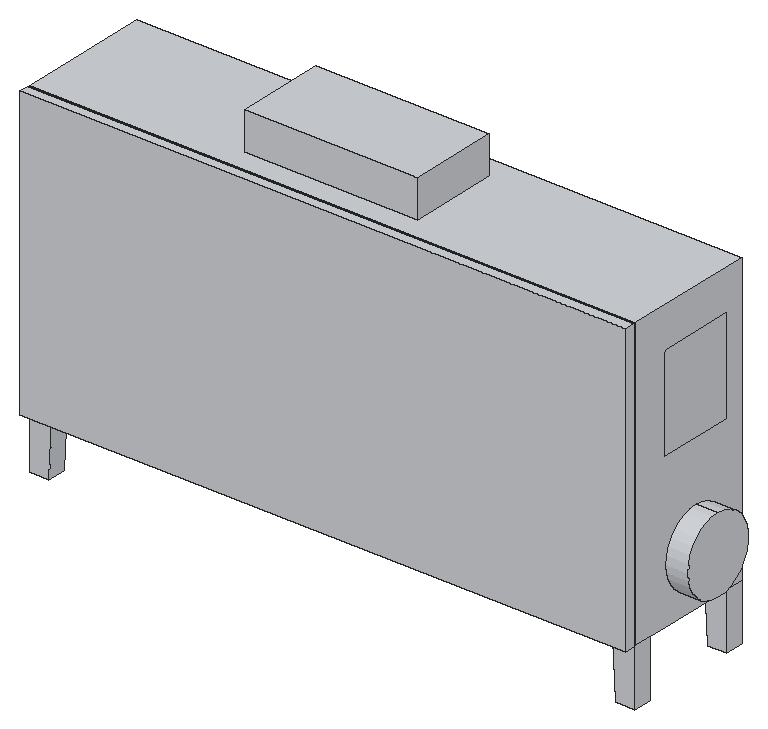
Revit family "AHU 1 _1", category Mechanické zařízení, Revit 2018
Family settings
  Kóta kulaté spojky = Použít průměr
  Typ dílu = Normální
  Číslo OmniClass = 23.75.00.00
  Nadpis OmniClass = Climate Control (HVAC)
  Založené na pracovní rovině = Ne
  Vždy vertikální = Ano
  Ořezat dutým tvarem při načtení = Ne
  Sdílené = Ne
  Bod výpočtu místnosti = Ne
Parameters (values of type "DUPLEXVENT 500 Multi Eco")
  Width [instance] = 0.384 mm
  Weight [instance] = 90.00 kg
  URL = ""
  Type [instance] = "DUPLEXVENT 500 Multi Eco"
  Total_SFP [instance] = 0
  Supply_outlet_hum [instance] = 90
  Supply_inlet_hum [instance] = 90
  Supply_ext_pressure [instance] = 0.0 Pa
  Supply_SFP [instance] = 0
  Source_adu_file [instance] = ""
  Recuperation_type [instance] = "Plate heat recovery exchanger"
  Recuperation_efficiency_EN308 [instance] = 0
  Project_name [instance] = ""
  Project_date [instance] = "10.8.2023"
  Power_supply_fusing [instance] = "0"
  Power_supply_cable [instance] = "0"
  Position [instance] = "AHU 1 "
  Phases_count [instance] = 1
  Panel_thickness [instance] = 0.06 mm
  Outer_surface [instance] = "RAL 9002"
  Length [instance] = 1.6 mm
  Insulation_type [instance] = "PUR"
  Insulation_thickness [instance] = 0.05 mm
  Installation_environment [instance] = ""
  Input_power_max [instance] = 340 W
  Inner_surface [instance] = "Pozink"
  I2 [instance] = I1  # 0.0 L/s
  Height [instance] = 0.765 mm
  Exhaust_outlet_hum [instance] = 40
  Exhaust_inlet_hum [instance] = 40
  Exhaust_ext_pressure [instance] = 0.0 Pa
  Exhaust_SFP [instance] = 0
  E1 [instance] = E2 - M1  # 0.0 L/s
  E2 [instance] = 0.0 L/s
  I1 [instance] = 0.0 L/s
  Description = ""
  M1 [instance] = 0.0 L/s
  Device_dutypoint_version [instance] = "0"
  Device_design_version [instance] = "9"
  Device_adu_id [instance] = "1"
  Current_max [instance] = 2.8 A
  Casing_mat [instance] = "painted zinc layer"
  Cable type [instance] = "CYKY 3Jx2,5"
Reference planes
  plane 1 "Střed (vpředu/vzadu)": y = 0
  plane 2 "ref": z = 0
  plane 3 "Střed (vlevo/vpravo)": x = 0
Forms (mm)
  Sweep 1, solid
    path origin (0, 0, 0) x (0, 0, 1) y (1, 0, 0)
      loop
        line (0, 0) -> (765, 0)
    profile origin (0, 0, 0) x (1, 0, 0) y (0, 1, 0)
      loop
        line (0, 0) -> (1600, 0) -> (1600, 354) -> (0, 354) -> (0, 0)
  Sweep 2, solid
    path origin (0, 0, 0) x (0, 0, 1) y (1, 0, 0)
      loop
        line (0, 0) -> (765, 0)
    profile origin (0, 0, 0) x (1, 0, 0) y (0, 1, 0)
      loop
        line (0, 0) -> (0, -30) -> (1600, -30) -> (1600, 0) -> (0, 0)
  Sweep 3, solid
    path origin (0, 199, 150) x (0, 0, -1) y (1, 0, 0)
      loop
        line (0, 0) -> (0, -60)
    profile origin (0, 199, 150) x (0, 0, -1) y (0, -1, 0)
      loop
        circle (0, 0) r 100
  Sweep 4, solid
    path origin (1599, 199, 532) x (1, 0, 0) y (0, 1, 0)
      loop
        line (0, 0) -> (1, 0)
    profile origin (1599, 199, 532) x (0, 1, 0) y (0, 0, 1)
      loop
        line (-100, 125) -> (-100, -125) -> (100, -125) -> (100, 125) -> (-100, 125)
  Sweep 5, solid
    path origin (1600, 199, 150) x (0, 0, -1) y (1, 0, 0)
      loop
        line (0, 0) -> (0, 60)
    profile origin (1600, 199, 150) x (0, 0, 1) y (0, -1, 0)
      loop
        circle (0, 0) r 100
  Sweep 6, solid
    path origin (1, 199, 544) x (0, 1, 0) y (-1, 0, 0)
      loop
        line (0, 0) -> (0, 1)
    profile origin (1, 199, 544) x (0, -1, 0) y (0, 0, 1)
      loop
        line (-100, -125) -> (100, -125) -> (100, 125) -> (-100, 125) -> (-100, -125)
  Sweep 7, solid
    path origin (453, 308, 0) x (0, -1, 0) y (0, 0, 1)
      loop
        line (0, 0) -> (0, -50)
    profile origin (453, 308, 0) x (-1, 0, 0) y (0, -1, 0)
      loop
        circle (0, 0) r 16
  Sweep 8, solid
    path origin (0, 0, 0) x (0, 0, 1) y (1, 0, 0)
      loop
        line (0, 0) -> (765, 0)
    profile origin (0, 0, 0) x (1, 0, 0) y (0, 1, 0)
      loop
        line (0, -30) -> (1600, -30) -> (1600, -5) -> (0, -5) -> (0, -30)
  Sweep 9, solid
    path origin (25, 50, 0) x (1, 0, 0) y (0, 1, 0)
      loop
        line (0, 0) -> (0, -50)
    profile origin (25, 50, 0) x (1, 0, 0) y (0, 0, 1)
      loop
        line (-25, 0) -> (-25, -150) -> (25, -150) -> (35, 0) -> (-25, 0)
  Sweep 10, solid
    path origin (1575, 50, 0) x (1, 0, 0) y (0, 1, 0)
      loop
        line (0, 0) -> (0, -50)
    profile origin (1575, 50, 0) x (1, 0, 0) y (0, 0, 1)
      loop
        line (-35, 0) -> (-25, -150) -> (25, -150) -> (25, 0) -> (-35, 0)
  Sweep 11, solid
    path origin (25, 354, 0) x (1, 0, 0) y (0, 1, 0)
      loop
        line (0, 0) -> (0, -50)
    profile origin (25, 354, 0) x (1, 0, 0) y (0, 0, 1)
      loop
        line (-25, 0) -> (-25, -150) -> (25, -150) -> (35, 0) -> (-25, 0)
  Sweep 12, solid
    path origin (1575, 354, 0) x (1, 0, 0) y (0, 1, 0)
      loop
        line (0, 0) -> (0, -50)
    profile origin (1575, 354, 0) x (1, 0, 0) y (0, 0, 1)
      loop
        line (-35, 0) -> (-25, -150) -> (25, -150) -> (25, 0) -> (-35, 0)
  Sweep 13, solid
    path origin (0, 0, 765) x (0, 0, 1) y (1, 0, 0)
      loop
        line (0, 0) -> (100, 0)
    profile origin (0, 0, 765) x (1, 0, 0) y (0, 1, 0)
      loop
        line (522, 59) -> (978, 59) -> (978, 294) -> (522, 294) -> (522, 59)
  Sweep 14, solid
    path origin (522, 177, 815) x (0, 0, -1) y (1, 0, 0)
      loop
        line (0, 0) -> (0, -1)
    profile origin (522, 177, 815) x (0, 0, -1) y (0, -1, 0)
      loop
        circle (0, 0) r 10
Lines and regions (mm)
  model lines, style "Symbol"
    curve 1: line (656, -30, 0) -> (656, -30, 153)
    curve 2: line (656, -30, 765) -> (656, -30, 612)
    curve 3: line (0, -30, 383) -> (426, -30, 383)
    curve 4: line (1600, -30, 383) -> (885, -30, 383)
    curve 5: line (426, -30, 383) -> (541, -30, 612)
    curve 6: line (541, -30, 612) -> (771, -30, 612)
    curve 7: line (771, -30, 612) -> (885, -30, 383)
    curve 8: line (885, -30, 383) -> (771, -30, 153)
    curve 9: line (771, -30, 153) -> (656, -30, 153)
    curve 10: line (656, -30, 153) -> (541, -30, 153)
    curve 11: line (541, -30, 153) -> (426, -30, 383)
    curve 12: line (1432, -30, 628) -> (1554, -30, 607)
    curve 13: line (1432, -30, 519) -> (1554, -30, 540)
    curve 14: line (168, -30, 519) -> (46, -30, 540)
    curve 15: line (168, -30, 628) -> (46, -30, 607)
    curve 16: line (32, -30, 76) -> (32, -30, 306)
    curve 17: line (32, -30, 306) -> (128, -30, 306)
    curve 18: line (128, -30, 306) -> (128, -30, 76)
    curve 19: line (128, -30, 76) -> (32, -30, 76)
    curve 20: line (80, -30, 76) -> (128, -30, 191)
    curve 21: line (80, -30, 306) -> (128, -30, 191)
    curve 22: line (1568, -30, 306) -> (1568, -30, 76)
    curve 23: line (1568, -30, 76) -> (1472, -30, 76)
    curve 24: line (1472, -30, 76) -> (1472, -30, 306)
    curve 25: line (1472, -30, 306) -> (1568, -30, 306)
    curve 26: line (1520, -30, 306) -> (1472, -30, 191)
    curve 27: line (1520, -30, 76) -> (1472, -30, 191)
    curve 28: line (500, -30, 134) -> (396, -30, 338)
    curve 29: line (396, -30, 338) -> (430, -30, 356)
    curve 30: line (430, -30, 356) -> (534, -30, 151)
    curve 31: line (534, -30, 151) -> (500, -30, 134)
    curve 32: line (437, -30, 265) -> (451, -30, 306)
    curve 33: line (479, -30, 183) -> (492, -30, 224)
    curve 34: line (0, -830, 0) -> (0, -30, 0)
    curve 35: line (1600, -830, 0) -> (1600, -30, 0)
    curve 36: line (0, -830, 0) -> (1600, -830, 0)
    curve 37: line (0, -830, 765) -> (0, -30, 765)
    curve 38: line (1600, -830, 765) -> (1600, -30, 765)
    curve 39: line (0, -830, 765) -> (1600, -830, 765)
    curve 40: line (0, -830, 0) -> (0, -830, 765)
    curve 41: line (1600, -830, 0) -> (1600, -830, 765)
    curve 42: line (0, -830, 565) -> (200, -830, 765)
    curve 43: line (0, -830, 365) -> (400, -830, 765)
    curve 44: line (0, -830, 165) -> (600, -830, 765)
    curve 45: line (35, -830, 0) -> (800, -830, 765)
    curve 46: line (235, -830, 0) -> (1000, -830, 765)
    curve 47: line (435, -830, 0) -> (1200, -830, 765)
    curve 48: line (635, -830, 0) -> (1400, -830, 765)
    curve 49: line (835, -830, 0) -> (1600, -830, 765)
    curve 50: line (1035, -830, 0) -> (1600, -830, 565)
    curve 51: line (1235, -830, 0) -> (1600, -830, 365)
    curve 52: line (1435, -830, 0) -> (1600, -830, 165)
    curve 53: line (1600, -830, 565) -> (1600, -630, 765)
    curve 54: line (1600, -830, 365) -> (1600, -430, 765)
    curve 55: line (1600, -830, 165) -> (1600, -230, 765)
    curve 56: line (1600, -795, 0) -> (1600, -30, 765)
    curve 57: line (1600, -595, 0) -> (1600, -30, 565)
    curve 58: line (1600, -395, 0) -> (1600, -30, 365)
    curve 59: line (1600, -195, 0) -> (1600, -30, 165)
    curve 60: line (0, -630, 765) -> (200, -830, 765)
    curve 61: line (0, -430, 765) -> (400, -830, 765)
    curve 62: line (0, -230, 765) -> (600, -830, 765)
    curve 63: line (0, -30, 765) -> (800, -830, 765)
    curve 64: line (200, -30, 765) -> (1000, -830, 765)
    curve 65: line (400, -30, 765) -> (1200, -830, 765)
    curve 66: line (600, -30, 765) -> (1400, -830, 765)
    curve 67: line (800, -30, 765) -> (1600, -830, 765)
    curve 68: line (1000, -30, 765) -> (1600, -630, 765)
    curve 69: line (1200, -30, 765) -> (1600, -430, 765)
    curve 70: line (1400, -30, 765) -> (1600, -230, 765)
    curve 71: line (0, 0, 1505) -> (0, 0, 765)
    curve 72: line (1600, 0, 1505) -> (1600, 0, 765)
    curve 73: line (0, 0, 1505) -> (1600, 0, 1505)
    curve 74: line (0, 354, 1505) -> (0, 354, 765)
    curve 75: line (1600, 354, 1505) -> (1600, 354, 765)
    curve 76: line (0, 354, 1505) -> (1600, 354, 1505)
    curve 77: line (0, 0, 1505) -> (0, 354, 1505)
    curve 78: line (1600, 0, 1505) -> (1600, 354, 1505)
    curve 79: line (0, 154, 1505) -> (200, 354, 1505)
    curve 80: line (46, 0, 1505) -> (400, 354, 1505)
    curve 81: line (246, 0, 1505) -> (600, 354, 1505)
    curve 82: line (446, 0, 1505) -> (800, 354, 1505)
    curve 83: line (646, 0, 1505) -> (1000, 354, 1505)
    curve 84: line (846, 0, 1505) -> (1200, 354, 1505)
    curve 85: line (1046, 0, 1505) -> (1400, 354, 1505)
    curve 86: line (1246, 0, 1505) -> (1600, 354, 1505)
    curve 87: line (1446, 0, 1505) -> (1600, 154, 1505)
    curve 88: line (1600, 154, 1505) -> (1600, 354, 1305)
    curve 89: line (1600, 0, 1459) -> (1600, 354, 1105)
    curve 90: line (1600, 0, 1259) -> (1600, 354, 905)
    curve 91: line (1600, 0, 1059) -> (1600, 294, 765)
    curve 92: line (1600, 0, 859) -> (1600, 94, 765)
    curve 93: line (0, 354, 1305) -> (200, 354, 1505)
    curve 94: line (0, 354, 1105) -> (400, 354, 1505)
    curve 95: line (0, 354, 905) -> (600, 354, 1505)
    curve 96: line (60, 354, 765) -> (800, 354, 1505)
    curve 97: line (260, 354, 765) -> (1000, 354, 1505)
    curve 98: line (460, 354, 765) -> (1200, 354, 1505)
    curve 99: line (660, 354, 765) -> (1400, 354, 1505)
    curve 100: line (860, 354, 765) -> (1600, 354, 1505)
    curve 101: line (1060, 354, 765) -> (1600, 354, 1305)
    curve 102: line (1260, 354, 765) -> (1600, 354, 1105)
    curve 103: line (1460, 354, 765) -> (1600, 354, 905)
    curve 104: line (0, 354, -150) -> (0, 354, 0)
    curve 105: line (1600, 354, -150) -> (1600, 354, 0)
    curve 106: line (0, 354, -150) -> (1600, 354, -150)
    curve 107: line (0, 0, -150) -> (0, 0, 0)
    curve 108: line (1600, 0, -150) -> (1600, 0, 0)
    curve 109: line (0, 0, -150) -> (1600, 0, -150)
    curve 110: line (0, 354, -150) -> (0, 0, -150)
    curve 111: line (1600, 354, -150) -> (1600, 0, -150)
    curve 112: line (0, 200, -150) -> (200, 0, -150)
    curve 113: line (46, 354, -150) -> (400, 0, -150)
    curve 114: line (246, 354, -150) -> (600, 0, -150)
    curve 115: line (446, 354, -150) -> (800, 0, -150)
    curve 116: line (646, 354, -150) -> (1000, 0, -150)
    curve 117: line (846, 354, -150) -> (1200, 0, -150)
    curve 118: line (1046, 354, -150) -> (1400, 0, -150)
    curve 119: line (1246, 354, -150) -> (1600, 0, -150)
    curve 120: line (1446, 354, -150) -> (1600, 200, -150)
    curve 121: line (1600, 200, -150) -> (1600, 50, 0)
    curve 122: line (1600, 354, -104) -> (1600, 250, 0)
    curve 123: line (50, 0, 0) -> (200, 0, -150)
    curve 124: line (250, 0, 0) -> (400, 0, -150)
    curve 125: line (450, 0, 0) -> (600, 0, -150)
    curve 126: line (650, 0, 0) -> (800, 0, -150)
    curve 127: line (850, 0, 0) -> (1000, 0, -150)
    curve 128: line (1050, 0, 0) -> (1200, 0, -150)
    curve 129: line (1250, 0, 0) -> (1400, 0, -150)
    curve 130: line (1450, 0, 0) -> (1600, 0, -150)
    curve 131: line (0, -30, 0) -> (0, -30, 765)
    curve 132: line (0, -30, 765) -> (760, -30, 765)
    curve 133: line (760, -30, 765) -> (760, -30, 0)
    curve 134: line (760, -30, 0) -> (0, -30, 0)
    curve 135: line (840, -30, 0) -> (840, -30, 765)
    curve 136: line (840, -30, 765) -> (1600, -30, 765)
    curve 137: line (1600, -30, 765) -> (1600, -30, 0)
    curve 138: line (1600, -30, 0) -> (840, -30, 0)
    curve 139: line (0, -30, 0) -> (1600, -30, 0)
    curve 140: line (0, -30, 765) -> (1600, -30, 765)
    curve 141: line (0, -30, 0) -> (0, -30, 765)
    curve 142: line (1600, -30, 0) -> (1600, -30, 765)
    curve 143: line (0, -30, 0) -> (0, -5, 0)
    curve 144: line (1600, -30, 0) -> (1600, -5, 0)
    curve 145: line (0, -30, 765) -> (0, -5, 765)
    curve 146: line (1600, -30, 765) -> (1600, -5, 765)
    curve 147: circle (1485, -30, 574) r 76 normal (0, -1, 0)
    curve 148: circle (115, -30, 574) r 76 normal (0, -1, 0)
    curve 149: circle (444, -30, 286) r 6 normal (0, -1, 0)
    curve 150: circle (486, -30, 204) r 6 normal (0, -1, 0)
Dimensions and locks
  aligned and locked: level to plane 2 "ref"
Connectors
  hvac at (-60, 199, 150), driven by "E1"
    settings: on Sweep 3, index 1, duct flow 0.0 L/s, flow factor 0, pres drop 0.0 Pa, loss coef 0, conn angle 0.00°, conn width 304.8 mm, conn height 304.8 mm, conn diameter 200 mm, duct sys type 1, conn prof type 0, flow config 1, flow direction 1, loss method 0, conn ref index -1, conn util no, is conn primary yes, conn desc ""
  hvac at (1600, 199, 532), driven by "E2"
    settings: on Sweep 4, index 2, duct flow 0.0 L/s, flow factor 1, pres drop 0.0 Pa, loss coef 0, conn angle 0.00°, conn width 200 mm, conn height 250 mm, conn diameter 609.6 mm, duct sys type 1, conn prof type 1, flow config 2, flow direction 2, loss method 0, conn ref index -1, conn util no, is conn primary no, conn desc ""
  hvac at (1660, 199, 150), driven by "I1"
    settings: on Sweep 5, index 3, duct flow 0.0 L/s, flow factor 1, pres drop 0.0 Pa, loss coef 0, conn angle 0.00°, conn width 304.8 mm, conn height 304.8 mm, conn diameter 200 mm, duct sys type 3, conn prof type 0, flow config 2, flow direction 1, loss method 0, conn ref index -1, conn util no, is conn primary no, conn desc ""
  hvac at (0, 199, 544), driven by "I2"
    settings: on Sweep 6, index 4, duct flow 0.0 L/s, flow factor 0, pres drop 0.0 Pa, loss coef 0, conn angle 0.00°, conn width 200 mm, conn height 250 mm, conn diameter 609.6 mm, duct sys type 3, conn prof type 1, flow config 1, flow direction 2, loss method 0, conn ref index -1, conn util no, is conn primary no, conn desc ""
  piping at (453, 308, -50), diameter 22
    settings: on Sweep 7, index 5, connector inside diameter 609.6 mm, connector length 0 mm, flow factor 0, pipe flow 0.0 L/s, pressure drop 0.0 Pa, fitting loss kfactor 0, connector angle 0.00°, fixture units 0, engagement length 0 mm, angle of deflection 0.00°, flow configuration 1, flow direction 2, fitting loss method 0, system type 16, joint type 0, gender type 0, connector reference index -1, connector utility 0, adjustable connector no, is connector primary yes, connector description ""
  electrical at (521, 177, 815)
    settings: on Sweep 14, index 6, voltage 230 V, apparent load 0 VA, apparent load phase1 0 VA, apparent load phase2 0 VA, apparent load phase3 0 VA, power factor 1, load classification "Další", number of poles 1, system type 31, power factor state 1, is connector primary yes, connector utility no, sub classification motor no, connector description ""
